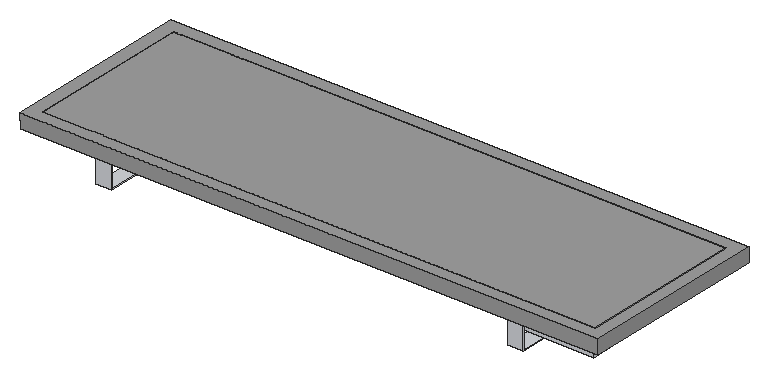
Revit family "Ceiling Surface Mount Heaters", category Mechanical Equipment, Revit 2017
Family settings
  Round Connector Dimension = Use Diameter
  Part Type = Normal
  Work Plane-Based = Yes
  Always vertical = No
  Cut with Voids When Loaded = No
  Shared = No
  Room Calculation Point = No
Parameters (values of type "1445CL - 277V")
  Width = 0' - 1 1/8"
  Watts = 1500 W
  Voltage = 277 V
  URL = "http://electricheat.com/"
  Type Image_x = ""
  Total Heating Capacity = 5150 Btu/s
  Surface Mount = yes
  Semi Recess Mount = no
  Recess Mount = no
  Product Page URL = "http://electricheat.com/products/ceiling-heater-surface-mounted"  # constant formula
  Product Name = "CEILING HEATER SURFACE MOUNTED"  # constant formula
  Product Documentation Link = "http://192.185.145.162/~electricheat/wp-content/uploads/2013/12/ceiling-surface-mount-Cut-Sheet.pdf"  # constant formula
  Power Factor = 0
  Phase = 1
  Panel = Default
  Number of Poles = 1
  Mounting Depth = 0' - 3"
  Modeled By = "Smith LaRock Architecture | www.slarc.com"  # constant formula
  Manufacturer = "CeramicCircuit Infrared Radiant Heaters"  # constant formula
  Length = 3' - 10"
  Height = 1' - 3"
  Frequency = 0 Hz
  Frame = Default
  Default Elevation = 4' - 0"
  Contact = "1-800-774-4450 or sales@electricheat.com"  # constant formula
  Bezel = 0' - 1"
  Apparent Load = 0 VA
  Amps = 5.4 A
Types (17): name | Watts | Voltage | Total Heating Capacity | Length | Height | Amps
  (no name) | 1500 W | 277 V | 5150 Btu/s | 3' - 10" | 1' - 3" | 5.4 A
  1445CL - 240V | 1500 W | 240 V | 5150 Btu/s | 3' - 10" | 1' - 3" | 6.2 A
  945CL - 240V | 1000 W | 240 V | 3414 Btu/s | 3' - 10" | 0' - 10" | 4.2 A
  645CL - 240V | 825 W | 240 V | 2817 Btu/s | 3' - 10" | 0' - 7" | 3.4 A
  632CL - 120V | 585 W | 120 V | 1989 Btu/s | 2' - 9" | 0' - 7" | 4.8 A
  632CL - 208V | 585 W | 208 V | 1989 Btu/s | 2' - 9" | 0' - 7" | 2.9 A
  632CL - 240V | 585 W | 240 V | 1989 Btu/s | 2' - 9" | 0' - 7" | 3.4 A
  632CL - 277V | 585 W | 277 V | 1989 Btu/s | 2' - 9" | 0' - 7" | 2.3 A
  645CL - 120V | 825 W | 120 V | 2817 Btu/s | 3' - 10" | 0' - 7" | 6.8 A
  645CL - 208V | 825 W | 208 V | 2817 Btu/s | 3' - 10" | 0' - 7" | 3.9 A
  645CL - 277V | 825 W | 277 V | 2817 Btu/s | 3' - 10" | 0' - 7" | 2.9 A
  945CL - 120V | 1000 W | 120 V | 3414 Btu/s | 3' - 10" | 0' - 10" | 8.3 A
  945CL - 208V | 1000 W | 208 V | 3414 Btu/s | 3' - 10" | 0' - 10" | 4.8 A
  945CL - 277V | 1000 W | 277 V | 3414 Btu/s | 3' - 10" | 0' - 10" | 3.6 A
  1445CL - 120V | 1500 W | 120 V | 5150 Btu/s | 3' - 10" | 1' - 3" | 12.5 A
  1445CL - 208V | 1500 W | 208 V | 5150 Btu/s | 3' - 10" | 1' - 3" | 7.2 A
  1445CL - 277V | 1500 W | 277 V | 5150 Btu/s | 3' - 10" | 1' - 3" | 5.4 A
Reference planes (in)
  plane 1 "Center (Front/Back)": y = 0
  plane 2: z = 0
  plane 3 "Center (Left/Right)": x = 0
  plane 4 "Right End": x = -23
  plane 5: x = 22
  plane 6: y = 6.5
  plane 7: y = -7.5
  plane 8: y = 7.5
  plane 9: y = -6.5
  plane 10: x = -22
  plane 11 "Left End": x = 23
  plane 12: z = 1.875
  plane 13: z = 3
Forms (in)
  Extrusion 1, solid, material "Default" <- "Frame"
    sketch origin (0, 0, 1.875) x (-1, 0, 0) y (0, -1, 0)
      loop
        line (22, -6.5) -> (22, 6.5) -> (-22, 6.5) -> (-22, -6.5) -> (22, -6.5)
      loop
        line (-23, -7.5) -> (23, -7.5) -> (23, 7.5) -> (-23, 7.5) -> (-23, -7.5)
    from 0 to -1.125
  Extrusion 2, solid, material "Default" <- "Panel"
    sketch origin (0, 0, 1.875) x (-1, 0, 0) y (0, -1, 0)
      loop
        line (22, -6.5) -> (22, 6.5) -> (-22, 6.5) -> (-22, -6.5) -> (22, -6.5)
    from 0 to -1
  Extrusion 3, solid
    sketch origin (23, 0, -1.125) x (0, 1, 0) y (0, 0, 1)
      loop
        line (7.4375, 0) -> (7.4375, 1.875) -> (6.9375, 1.875) -> (6.9375, 1.84386) -> (7.40522, 1.84386) -> (7.40522, 0.03136) -> (-7.40522, 0.03136) -> (-7.40522, 1.84386) -> (-6.9375, 1.84386) -> (-6.9375, 1.875) -> (-7.4375, 1.875) -> (-7.4375, 0) -> (7.4375, 0)
    from -7.25 to -6
  Extrusion 4, solid
    sketch origin (-23, 0, -1.125) x (0, 1, 0) y (0, 0, 1)
      loop
        line (7.40522, 1.84386) -> (7.40522, 0.03136) -> (-7.40522, 0.03136) -> (-7.40522, 1.84386) -> (-6.9375, 1.84386) -> (-6.9375, 1.875) -> (-7.4375, 1.875) -> (-7.4375, 0) -> (7.4375, 0) -> (7.4375, 1.875) -> (6.9375, 1.875) -> (6.9375, 1.84386) -> (7.40522, 1.84386)
    from 7.25 to 6
  Extrusion 5, solid, not visible
    sketch origin (-1.79361, -71.71164, 0) x (0, -1, 0) y (1, 0, 0)
      loop
        line (-78.21164, -14.70639) -> (-78.14789, -14.70639) -> (-78.14789, -14.64999) -> (-78.21164, -14.64999) -> (-78.21164, -14.70639)
    from 0 to -0.01547
Dimensions and locks (in)
  equal spacing: plane 4 "Right End", plane 3 "Center (Left/Right)", plane 11 "Left End"
  "Length": plane 4 "Right End" to plane 11 "Left End"
  equal spacing: plane 8, plane 1 "Center (Front/Back)", plane 7
  "Height": plane 8 to plane 7
  "Bezel": plane 8 to plane 6
  "Bezel": plane 9 to plane 7
  "Bezel": plane 5 to plane 11 "Left End"
  "Bezel": plane 4 "Right End" to plane 10
  locked: Extrusion 3 sketch curve to Extrusion 3 sketch curve at 0.03228  (x2)
  locked: nested 1 to plane 9 at 0.5
  "Width": plane 12 to plane 13
  "Mounting Depth": level to plane 13
  locked: nested 1 to plane 11 "Left End" at 1.5
  locked: nested 1 to plane 7 at 1.5
  Extrusion 4 to Extrusion 4 to plane 10 = 0' - 1 1/4" locked, 0' - 5" locked
  plane 5 to Extrusion 3 to Extrusion 3 = 0' - 5" locked, 0' - 1 1/4" locked
  aligned and locked: plane 9 to Extrusion 1 sketch curve
  aligned and locked: plane 9 to Extrusion 2 sketch curve
  aligned and locked: Extrusion 4 sketch curve to Extrusion 3  (x6)
  aligned and locked: Extrusion 1 to plane 12
  aligned and locked: Extrusion 2 to plane 12
  aligned and locked: plane 12 to Extrusion 1  (x2)
  aligned and locked: Extrusion 2 to nested 1
Automatic sketch dimensions
  Extrusion 1 sketch curve to plane 8 = 0' - 0"
  Extrusion 1 sketch curve to plane 11 "Left End" = 0' - 0"
  Extrusion 1 sketch curve to plane 5 = 0' - 0"
  Extrusion 1 sketch curve to plane 6 = 0' - 0"
  Extrusion 1 sketch curve to plane 10 = 0' - 0"
  Extrusion 1 sketch curve to plane 4 "Right End" = 0' - 0"
  Extrusion 1 sketch curve to plane 7 = 0' - 0"
  Extrusion 2 sketch curve to plane 5 = 0' - 0"
  Extrusion 2 sketch curve to plane 10 = 0' - 0"
  Extrusion 2 sketch curve to plane 6 = 0' - 0"
  Extrusion 3 sketch curve to level = 0' - 1 1/8"
  plane 12 to Extrusion 3 sketch curve = 0' - 1 1/8"  (x2)
  plane 7 to Extrusion 3 sketch curve = 0' - 0 1/16"
  Extrusion 3 sketch curve to plane 9 = 0' - 0 7/16"
  plane 6 to Extrusion 3 sketch curve = 0' - 0 7/16"
  plane 12 to Extrusion 3 sketch curve = 0' - 1.15614"  (x2)
  Extrusion 3 sketch curve to plane 8 = 0' - 0.09478"
  Extrusion 3 sketch curve to level = 0' - 1.09364"
  Extrusion 4 sketch curve to level = 0' - 1 1/8"
  plane 12 to Extrusion 4 sketch curve = 0' - 1 1/8"  (x2)
  Extrusion 4 sketch curve to level = 0' - 1.09364"
  plane 12 to Extrusion 4 sketch curve = 0' - 1.15614"
  Extrusion 4 sketch curve to Extrusion 4 sketch curve = 0' - 0.03114"
  Extrusion 5 sketch curve to plane 6 = 0' - 0"
  Extrusion 5 sketch curve to plane 6 = 0' - 0.06375"
  plane 10 to Extrusion 5 sketch curve = 0' - 5 1/2"
  Extrusion 5 sketch curve to Extrusion 5 sketch curve = 0' - 0.0564"
Nested families (in)
  nested 1: "Rev D Wire Cover" at (18.125, -5.04687, 0.875) x (1, 0, 0) z (0, 0, -1), type "Rev D Wire Cover"
Connectors (in)
  electrical at (14.75, -5.04687, 0.125), driven by "Power Factor", driven by "Apparent Load", driven by "Voltage", driven by "Number of Poles"
    settings: on nested 1, index 3, voltage 277 V, apparent load 0 VA, apparent load phase1 0 VA, apparent load phase2 0 VA, apparent load phase3 0 VA, power factor 0, load classification "Other", number of poles 1, system type 31, power factor state 1, is connector primary yes, connector utility no, sub classification motor no, connector description ""
Definition of nested family "Rev D Wire Cover"
  Parameters
    Default Elevation = 4' - 0"
  Reference planes (in)
    plane 1 "Center (Front/Back)": y = 0
    plane 2: z = 0
    plane 3 "Center (Left/Right)": x = 0
  Forms (in)
    Extrusion 1, solid
      sketch origin (0, 0, 0) x (1, 0, 0) y (0, 1, 0)
        loop
          line (-3.375, 0.95312) -> (-3.375, -0.95312) -> (3.375, -0.95312) -> (3.375, 0.95312) -> (-3.375, 0.95312)
      from 0 to 1.5
    Extrusion 2, solid
      sketch origin (0, 0, 0) x (1, 0, 0) y (0, 1, 0)
        loop
          line (-3.375, 0.95312) -> (-3.83594, 0.95313) -> (-3.83594, 0.72266) -> (-3.60547, 0.72266)
          arc (-3.60547, 0.72266) -> (-3.49023, 0.60742) -> (-3.60547, 0.49219) r 0.11523
          line (-3.60547, 0.49219) -> (-3.83594, 0.49219) -> (-3.83594, -0.95312) -> (-3.375, -0.95312) -> (-3.375, 0.95312)
      from 0 to 0.03906
    Extrusion 3, solid
      sketch origin (0, 0, 0) x (-1, 0, 0) y (0, -1, 0)
        loop
          line (-3.375, 0.95312) -> (-3.83594, 0.95313) -> (-3.83594, 0.72266) -> (-3.60547, 0.72266)
          arc (-3.60547, 0.72266) -> (-3.49023, 0.60742) -> (-3.60547, 0.49219) r 0.11523
          line (-3.60547, 0.49219) -> (-3.83594, 0.49219) -> (-3.83594, -0.95312) -> (-3.375, -0.95312) -> (-3.375, 0.95312)
      from 0 to 0.03906
  Lines and regions (in)
    model lines
      curve 1: circle (1.875, 0, 1.5) r 0.4375 normal (0, 0, 1)
      curve 2: circle (3.375, 0, 0.75) r 0.4375 normal (1, 0, 0)
      curve 3: circle (-3.375, 0, 0.75) r 0.4375 normal (-1, 0, 0)
